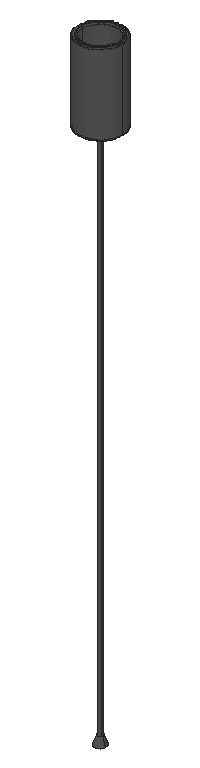
Revit family "CARLO CYLINDER LIGHT Pendant_ Surface", category Lighting Fixtures, host Face, Revit 2020 (continued)
Types (13): name | Wattage_Input | Wattage Comments | Wattage | built-in parameter 1150134 | Size 08 | Size 04 | Photometric Web File | built-in parameter 1150142 | Model | built-in parameter 1150105 | Lumens | built-in parameter 1150107 | built-in parameter 1150106 | Fixture Height | Fixture Diameter | BEAMING ANGLE | Apparent Load
  (no name) | 20 W | "12W/16W/20W" | 11.4446 W | (empty or 0) | no | yes | "CCL4_20W_2700K_25__.IES" | "IESNA:LM-63-2002\r\n[TEST] 001\r\n[TESTLAB] \r\n[TESTDATE] 2024-05-21\r\n[ISSUEDATE] 2024-05-21 11:19:26\r\n[LAMPPOSITION] 0,0\r\n[OTHER] EVERFINE GO-2000B_V1 SYSTEM\r\n[MANUFAC] Aboveall lighting\r\n[LUMINAIRE] CCL4 20W 2700K 25¡ã  \r\nTILT=NONE\r\n1 1658.3 1 181 17 1 2 -0.104 -0.104 0.000\r\n1.000 1 20.089\r\n0.0    1.0    2.0    3.0    4.0    5.0    6.0    7.0    8.0    9.0    \r\n 10.0   11.0   12.0   13.0   14.0   15.0   16.0   17.0   18.0   19.0   \r\n 20.0   21.0   22.0   23.0   24.0   25.0   26.0   27.0   28.0   29.0   \r\n 30.0   31.0   32.0   33.0   34.0   35.0   36.0   37.0   38.0   39.0   \r\n 40.0   41.0   42.0   43.0   44.0   45.0   46.0   47.0   48.0   49.0   \r\n 50.0   51.0   52.0   53.0   54.0   55.0   56.0   57.0   58.0   59.0   \r\n 60.0   61.0   62.0   63.0   64.0   65.0   66.0   67.0   68.0   69.0   \r\n 70.0   71.0   72.0   73.0   74.0   75.0   76.0   77.0   78.0   79.0   \r\n 80.0   81.0   82.0   83.0   84.0   85.0   86.0   87.0   88.0   89.0   \r\n 90.0   91.0   92.0   93.0   94.0   95.0   96.0   97.0   98.0   99.0   \r\n 100.0  101.0  102.0  103.0  104.0  105.0  106.0  107.0  108.0  109.0  \r\n 110.0  111.0  112.0  113.0  114.0  115.0  116.0  117.0  118.0  119.0  \r\n 120.0  121.0  122.0  123.0  124.0  125.0  126.0  127.0  128.0  129.0  \r\n 130.0  131.0  132.0  133.0  134.0  135.0  136.0  137.0  138.0  139.0  \r\n 140.0  141.0  142.0  143.0  144.0  145.0  146.0  147.0  148.0  149.0  \r\n 150.0  151.0  152.0  153.0  154.0  155.0  156.0  157.0  158.0  159.0  \r\n 160.0  161.0  162.0  163.0  164.0  165.0  166.0  167.0  168.0  169.0  \r\n 170.0  171.0  172.0  173.0  174.0  175.0  176.0  177.0  178.0  179.0  \r\n 180.0  \r\n0.0    22.5   45.0   67.5   90.0   112.5  135.0  157.5  180.0  202.5  \r\n 225.0  247.5  270.0  292.5  315.0  337.5  360.0  \r\n6620.4 6652.3 6568 6397.9 6165.2 5903.7 5559.2 5163.1 4721.7 4267.2 \r\n 3801.1 3347.9 2919.3 2515.1 2160.6 1844.2 1583.4 1360.8 1169.9 1045.3 \r\n 921.53 833.22 773.31 723.13 684.52 655.37 632.32 615.14 601.04 590.77 \r\n 580.93 573.35 566.01 548.86 536.53 525.2 512.07 487.51 449.01 404.05 \r\n 349.99 300.35 242.91 192.15 141.99 103.46 65.068 44.767 37.827 31.722 \r\n 26.838 23.61 21.413 19.408 17.365 15.227 13.059 10.995 9.1181 7.4182 \r\n 5.8075 4.5112 3.5 2.7541 2.2137 1.8503 1.6001 1.4108 1.2975 1.1891 \r\n 1.1165 1.0402 0.99191 0.93581 0.86771 0.81137 0.74723 0.69094 0.6268 0.56257 \r\n 0.49834 0.43808 0.3739 0.30984 0.24561 0.19724 0.14511 0.096885 0.05268 0.00058608 \r\n 0 0 0 0 0 0 0 0 0 0 \r\n 0 0 0 0 0 0.015892 0.043795 0.06793 0.10788 0.13612 \r\n 0.18009 0.22028 0.26042 0.31644 0.3647 0.42082 0.46908 0.52504 0.5852 0.64938 \r\n 0.70965 0.7778 0.84604 0.92222 1.0025 1.0788 1.163 1.2433 1.3432 1.4436 \r\n 1.5637 1.6881 1.8245 1.9848 2.1453 2.3377 2.5383 2.7589 3.0114 3.2643 \r\n 3.5364 3.8371 4.1461 4.475 4.8002 5.1373 5.4666 5.8116 6.141 6.4582 \r\n 6.7793 7.0719 7.357 7.6222 7.8594 8.0962 8.2894 8.4821 8.6549 8.8156 \r\n 8.9762 9.1249 9.2611 9.3857 9.4903 9.5788 9.6553 9.7117 9.752 9.7644 \r\n 9.7645 9.7645 9.7089 9.6291 9.5409 9.4605 9.3802 9.3078 9.2633 9.2589 \r\n 9.2385 \r\n6620.4 6671.5 6601.3 6437.7 6217 5957.8 5628 5236.9 4806.7 4342.2 \r\n 3882.9 3425 2992.6 2605.6 2219.2 1896.5 1623.1 1388.3 1200.2 1051.1 \r\n 931.43 840.71 774.77 725.65 687.26 656.64 633.41 614.66 599.86 588.68 \r\n 579.09 569.22 560.63 548.43 535.8 525.2 512.11 488.36 450.4 404.21 \r\n 352.16 301.57 248.07 194.59 143.15 100.21 66.285 45.59 38.906 33.164 \r\n 28.078 24.835 21.975 19.962 17.761 15.65 13.433 11.442 9.5828 7.8012 \r\n 6.1736 4.7767 3.6868 2.9299 2.3237 1.8812 1.5954 1.3943 1.2574 1.1567 \r\n 1.0722 1.0076 0.94317 0.88661 0.82219 0.76978 0.70129 0.64472 0.57621 0.51571 \r\n 0.45516 0.39069 0.33418 0.27364 0.20921 0.15681 0.10851 0.056127 0.012005 0 \r\n 0 0 0 0 0 0 0 0 0 0 \r\n 0 0.000066 0.0081677 0.020304 0.036512 0.060715 0.084956 0.11323 0.1455 0.17774 \r\n 0.21808 0.25849 0.30686 0.35126 0.39971 0.45218 0.50873 0.5732 0.62971 0.69021 \r\n 0.75062 0.81919 0.8878 0.96044 1.0371 1.1179 1.2066 1.2953 1.3802 1.4852 \r\n 1.5982 1.7194 1.8563 2.0097 2.1751 2.3528 2.5467 2.7726 3.0068 3.2651 \r\n 3.5395 3.8222 4.1369 4.4548 4.7856 5.1244 5.4553 5.7981 6.1369 6.4716 \r\n 6.7901 7.0886 7.3868 7.6529 7.9061 8.1279 8.3415 8.539 8.7084 8.8817 \r\n 9.039 9.1922 9.3292 9.4541 9.5668 9.6512 9.7277 9.7838 9.7838 9.7836 \r\n 9.7633 9.7307 9.662 9.5773 9.4966 9.4078 9.3193 9.2513 9.2312 9.2231 \r\n 9.2385 \r\n6620.4 6638.8 6549.5 6368.4 6138.6 5868.8 5522.5 5124.4 4682.7 4223.9 \r\n 3762.5 3317 2886.3 2484.5 2133 1813.2 1544.5 1322.8 1168.1 1014.1 \r\n 904.04 818.36 755.82 707.92 672.71 646.16 623.57 606.08 592.88 581.74 \r\n 571.09 562.5 554.93 542.76 531.2 520.16 506.91 477.63 435.68 390.58 \r\n 337.54 284.32 230.83 181.95 133.55 95.344 57.247 42.718 37.553 32.257 \r\n 27.95 24.506 21.823 19.748 17.684 15.485 13.46 11.364 9.5599 7.7907 \r\n 6.0977 4.6812 3.6107 2.8357 2.2678 1.862 1.5739 1.351 1.2447 1.1597 \r\n 1.0909 1.0142 0.96161 0.90114 0.84455 0.78801 0.72748 0.67488 0.60641 0.54574 \r\n 0.48117 0.41655 0.35992 0.30354 0.247 0.18647 0.14185 0.093433 0.048961 0.00054427 \r\n 0 0 0 0 0 0 0 0 0 0 \r\n 0 0 0 0 0 0.019985 0.048097 0.080354 0.11266 0.14497 \r\n 0.18526 0.22964 0.27806 0.32253 0.37494 0.43144 0.48798 0.54437 0.60489 0.66547 \r\n 0.73004 0.80264 0.86735 0.94395 1.0207 1.0974 1.1901 1.267 1.3635 1.4724 \r\n 1.5974 1.7186 1.8637 2.017 2.1905 2.3761 2.5779 2.7998 3.0499 3.3043 \r\n 3.5779 3.8765 4.1833 4.5142 4.8494 5.1806 5.5237 5.859 6.1942 6.5174 \r\n 6.8325 7.1228 7.4055 7.6683 7.9069 8.1292 8.3314 8.5093 8.683 8.8447 \r\n 9.0063 9.1518 9.2848 9.3942 9.5032 9.5804 9.6451 9.6858 9.7142 9.7185 \r\n 9.7225 9.6627 9.5941 9.5137 9.4169 9.324 9.2271 9.1501 9.0934 9.0807 \r\n 9.2385 \r\n6620.4 6623.5 6516.6 6325.3 6088.9 5814.8 5448.8 5046.9 4608.1 4146 \r\n 3689.3 3242.5 2836.1 2430.2 2077.8 1762.4 1507.5 1290.9 1119.7 985.32 \r\n 880.44 800.55 740.76 696.58 662.85 636.73 616.83 601.59 589.36 580.4 \r\n 571.6 562.51 554.44 541.22 530.54 519.18 504.86 473.62 432.87 385.35 \r\n 333.56 282.99 232.47 181.98 134.65 89.764 57.078 42.018 36.973 32.35 \r\n 28.519 25.641 22.359 20.197 18.112 16.011 13.842 11.695 9.7535 7.9063 \r\n 6.2574 4.76 3.568 2.7994 2.2144 1.8058 1.5146 1.3246 1.2072 1.1061 \r\n 1.0372 0.96833 0.9116 0.85881 0.79807 0.74545 0.68463 0.6238 0.56298 0.50216 \r\n 0.44134 0.38045 0.31159 0.25077 0.18999 0.13326 0.080751 0.03621 0 0 \r\n 0 0 0 0 0 0 0 0 0 0 \r\n 0.000032 0.0041533 0.016318 0.028552 0.048862 0.073228 0.10157 0.12598 0.1585 0.19893 \r\n 0.23948 0.28012 0.33277 0.37744 0.43019 0.48695 0.54368 0.59647 0.65737 0.72626 \r\n 0.79096 0.85593 0.9329 1.0019 1.083 1.1642 1.2533 1.3346 1.432 1.5456 \r\n 1.6592 1.7851 1.9307 2.085 2.2635 2.4501 2.6491 2.8803 3.1238 3.3875 \r\n 3.6674 3.9676 4.28 4.6116 4.9442 5.2848 5.6253 5.9619 6.3023 6.6225 \r\n 6.9306 7.2305 7.5141 7.7734 8.0119 8.2307 8.4292 8.6157 8.7899 8.952 \r\n 9.106 9.2479 9.3855 9.499 9.6041 9.6809 9.7454 9.7696 9.7695 9.7652 \r\n 9.7286 9.6757 9.5985 9.5091 9.4038 9.3025 9.2134 9.1327 9.0763 9.0723 \r\n 9.2385 \r\n6620.4 6613.5 6490.3 6284.5 6034 5744.8 5376.7 4969.2 4523.7 4071.8 \r\n 3615.3 3163.3 2761.9 2361 2010.9 1712.5 1471.4 1259.5 1092.7 961.11 \r\n 862.96 786.99 731.08 689.57 658.35 634.67 615.43 601.78 589.95 581.16 \r\n 573.61 566.48 559.97 543.55 531.13 519.73 503.74 473.09 431.89 386.78 \r\n 334.25 285.72 233.94 182.21 135.73 93.276 61.21 45.428 40.343 35.88 \r\n 31.929 27.57 22.24 20.28 18.1 15.962 13.777 11.578 9.5888 7.7418 \r\n 6.0659 4.6516 3.5694 2.8366 2.2633 1.8771 1.586 1.4125 1.2668 1.1682 \r\n 1.0853 1.0105 0.95895 0.88798 0.82872 0.76954 0.7025 0.64706 0.57994 0.51673 \r\n 0.45352 0.3903 0.32714 0.26788 0.20857 0.14555 0.098232 0.046952 0.0039084 0 \r\n 0 0 0 0 0 0 0 0 0.000040 0.0040323 \r\n 0.011892 0.015886 0.023876 0.039679 0.055528 0.075376 0.10294 0.12289 0.15839 0.18995 \r\n 0.22555 0.26514 0.31251 0.35592 0.39561 0.45092 0.50609 0.54979 0.61305 0.68011 \r\n 0.73933 0.81033 0.86971 0.941 1.0278 1.1029 1.186 1.2767 1.3561 1.4628 \r\n 1.5735 1.6918 1.8184 1.9608 2.1189 2.289 2.4789 2.6884 2.9099 3.155 \r\n 3.4083 3.6968 3.9933 4.3046 4.6248 4.9567 5.2964 5.6323 5.968 6.2998 \r\n 6.6198 6.9396 7.2474 7.5239 7.7955 8.0404 8.2772 8.4944 8.6997 8.8931 \r\n 9.0748 9.2521 9.3905 9.5326 9.6666 9.7728 9.8594 9.9182 9.9339 9.9376 \r\n 9.9215 9.8818 9.8262 9.743 9.6444 9.5535 9.459 9.3769 9.3769 9.3809 \r\n 9.2385 \r\n6620.4 6556.8 6390 6155.2 5883.5 5549.5 5162.9 4733 4281.7 3832.8 \r\n 3381.2 2948.5 2537 2169.3 1845.1 1580.1 1357.4 1171.6 1039.6 908.18 \r\n 822.62 756.47 705.83 668.66 642.42 622.95 608.17 595.47 585.07 577.22 \r\n 569.87 563.2 556.16 538.78 527.7 514.32 491.82 457.1 414.99 365.25 \r\n 314.84 261.94 211.5 162.41 120.92 79.499 52.217 43.069 38.099 33.744 \r\n 29.767 23.937 21.197 18.912 16.821 14.695 12.424 10.443 8.5235 6.8488 \r\n 5.2392 4.0474 3.1466 2.5045 2.0774 1.7743 1.5511 1.3798 1.2562 1.1725 \r\n 1.093 1.0214 0.96579 0.89444 0.84653 0.77917 0.7195 0.65203 0.5963 0.54067 \r\n 0.46929 0.41748 0.34217 0.28262 0.22302 0.16342 0.1117 0.063983 0.016305 0.00013483 \r\n 0 0 0 0 0 0 0 0 0 0 \r\n 0 0 0 0.0078823 0.019771 0.039577 0.067255 0.091132 0.12284 0.15856 \r\n 0.19432 0.24189 0.28169 0.32931 0.38092 0.42863 0.4842 0.53967 0.59923 0.65883 \r\n 0.72629 0.79384 0.86532 0.94472 1.0124 1.0957 1.1791 1.2625 1.3575 1.4647 \r\n 1.5798 1.7108 1.8419 1.9967 2.1634 2.3421 2.5446 2.7669 3.0052 3.2554 \r\n 3.5247 3.8067 4.1163 4.4341 4.7559 5.0935 5.4233 5.7609 6.0947 6.4206 \r\n 6.7346 7.0358 7.322 7.5884 7.8428 8.0853 8.304 8.5107 8.7055 8.8805 \r\n 9.0474 9.2064 9.3492 9.4686 9.5838 9.6676 9.7392 9.7871 9.8072 9.8153 \r\n 9.8193 9.7838 9.7205 9.6335 9.5539 9.4705 9.4068 9.3589 9.3349 9.3307 \r\n 9.2385 \r\n6620.4 6528.4 6338.8 6098.8 5802.4 5457.3 5040.3 4608 4149 3706.7 \r\n 3257.6 2835.4 2440.2 2082.8 1788.4 1531.3 1316.2 1136.4 995.19 886.29 \r\n 804.7 742.5 696.8 664.38 640.18 621.56 606.45 594.83 584.35 576.25 \r\n 569.33 563.65 554.28 536.95 526.5 513.1 489.51 452.8 406.9 356.08 \r\n 306.14 254.3 202.48 152.33 109.1 71.735 47.834 40.778 35.505 31.183 \r\n 27.363 22.102 20.006 17.765 15.713 13.564 11.443 9.4746 7.6576 6.001 \r\n 4.5858 3.5721 2.8369 2.3197 1.9112 1.6247 1.3981 1.2471 1.1476 1.0679 \r\n 0.99232 0.93647 0.88044 0.80889 0.75693 0.69734 0.64537 0.58159 0.52176 0.46188 \r\n 0.39815 0.34217 0.2745 0.21866 0.16286 0.11096 0.05539 0.011841 0 0 \r\n 0 0 0 0 0 0 0 0 0 0.000083 \r\n 0.0081034 0.02007 0.032125 0.052024 0.067979 0.084076 0.11205 0.14396 0.17592 0.21164 \r\n 0.23981 0.29153 0.33155 0.38332 0.42733 0.48308 0.53104 0.58703 0.65474 0.71457 \r\n 0.7744 0.8501 0.918 0.99383 1.0736 1.1495 1.2372 1.3251 1.4249 1.5327 \r\n 1.6486 1.78 1.9198 2.0794 2.2511 2.4348 2.6384 2.862 3.1016 3.3649 \r\n 3.6285 3.9239 4.2391 4.5573 4.8766 5.2156 5.5468 5.8858 6.2206 6.5396 \r\n 6.8507 7.1576 7.4405 7.7036 7.954 8.1813 8.4004 8.5997 8.7831 8.9625 \r\n 9.1258 9.2733 9.4126 9.5242 9.6277 9.7149 9.7704 9.794 9.7899 9.7738 \r\n 9.7414 9.6735 9.5938 9.5178 9.4302 9.3546 9.2913 9.2677 9.2678 9.2839 \r\n 9.2385 \r\n6620.4 6486.5 6269.5 6004.8 5689.4 5316.5 4885.2 4429 3968.1 3518.3 \r\n 3082.8 2665.6 2286.6 1959.2 1677.8 1442.2 1239.6 1097.2 955.3 856.8 \r\n 783.51 728.89 689.1 658.98 634.82 617.16 603.74 592.16 584.45 576.82 \r\n 568.46 562.42 550.66 536.25 524.55 510.14 481.65 441.63 395.94 342.65 \r\n 290.85 238.32 186.31 135.77 96.67 57.671 41.828 36.636 31.461 27.904 \r\n 24.931 20.713 18.63 16.567 14.389 12.34 10.317 8.4413 6.7096 5.1421 \r\n 4.0489 3.1764 2.557 2.1107 1.797 1.552 1.3712 1.2585 1.1542 1.0859 \r\n 1.0098 0.96152 0.89772 0.84949 0.79349 0.73344 0.67732 0.61727 0.55718 0.49312 \r\n 0.42108 0.35693 0.29681 0.24481 0.18481 0.13265 0.084545 0.040444 0.00034963 0 \r\n 0 0 0 0 0 0 0 0 0 0 \r\n 0 0 0 0.011921 0.027913 0.047912 0.075818 0.10386 0.13983 0.17192 \r\n 0.2119 0.2599 0.29606 0.34403 0.39607 0.44417 0.50814 0.56413 0.62021 0.6882 \r\n 0.75629 0.82836 0.8965 0.97254 1.0487 1.1367 1.2288 1.313 1.4207 1.5367 \r\n 1.6608 1.7969 1.945 2.1131 2.2972 2.4894 2.7095 2.9457 3.198 3.4623 \r\n 3.7497 4.0461 4.3663 4.6947 5.0232 5.3557 5.6921 6.0246 6.3571 6.6737 \r\n 6.9743 7.266 7.5385 7.7951 8.0276 8.2481 8.4525 8.6369 8.8172 8.9816 \r\n 9.1419 9.2862 9.4102 9.5106 9.6068 9.6711 9.7194 9.7476 9.7478 9.7478 \r\n 9.7041 9.6362 9.5522 9.4842 9.3844 9.308 9.2438 9.2075 9.2032 9.223 \r\n 9.2385 \r\n6620.4 6484 6267.7 6001.3 5678.2 5294.4 4856.3 4401 3928.7 3484.9 \r\n 3044.3 2650.9 2258.2 1937.9 1666.8 1428.5 1232.4 1072.1 948.72 853.34 \r\n 782.38 731.87 692.73 661.66 637.99 619.23 605.92 594.39 586.66 578.67 \r\n 570.97 564.74 552.09 537.36 525.49 510.58 483.31 443.47 397.13 343.99 \r\n 292.96 238.51 184.1 134.26 89.947 57.532 40.503 34.799 29.478 25.378 \r\n 23.151 20.712 18.687 16.573 14.41 12.303 10.214 8.3566 6.6334 5.1676 \r\n 3.9999 3.2113 2.599 2.1428 1.7993 1.5351 1.3433 1.2349 1.1231 1.0667 \r\n 0.99471 0.94247 0.88627 0.82997 0.76585 0.70984 0.65753 0.59338 0.5371 0.47282 \r\n 0.40458 0.33638 0.2722 0.21203 0.15583 0.099683 0.047678 0 0 0 \r\n 0 0 0 0 0 0 0 0 0.000041 0.0040972 \r\n 0.012126 0.020242 0.036255 0.048389 0.068461 0.088581 0.11272 0.14096 0.18096 0.20918 \r\n 0.25727 0.29746 0.34162 0.38577 0.43007 0.48631 0.54643 0.59872 0.65898 0.72321 \r\n 0.78731 0.85563 0.9319 1.0082 1.0886 1.1729 1.2652 1.3498 1.4582 1.5668 \r\n 1.6993 1.8316 1.9803 2.149 2.3259 2.5268 2.7478 2.9849 3.242 3.5151 \r\n 3.8004 4.1056 4.4229 4.7511 5.0724 5.4135 5.7428 6.0799 6.4048 6.7139 \r\n 7.0229 7.3156 7.5843 7.8331 8.073 8.2857 8.4903 8.6788 8.8554 9.0278 \r\n 9.1803 9.3325 9.4568 9.5689 9.6531 9.7287 9.7565 9.7604 9.7522 9.7238 \r\n 9.6714 9.6029 9.5066 9.414 9.3018 9.2057 9.1303 9.1225 9.1391 9.2034 \r\n 9.2385 \r\n6620.4 6475.4 6265.9 5991.4 5651.9 5255.9 4807.2 4336 3867.5 3414.1 \r\n 2970 2566.2 2195.7 1878.5 1612.7 1392 1203.2 1068.2 933.68 846.58 \r\n 782.02 730.89 691.63 661.57 638.16 621.08 606.83 596.99 588.85 580.9 \r\n 574 567.37 552.95 539.21 526.77 511 482.69 442.57 395.78 341.72 \r\n 288.68 234.3 181.43 131.36 93.309 55.365 39.258 35.554 30.526 25.7 \r\n 23.129 21.251 19.175 16.962 14.676 12.548 10.37 8.4682 6.6923 5.2056 \r\n 4.0614 3.1745 2.5307 2.0531 1.745 1.4904 1.3442 1.231 1.146 1.0853 \r\n 1.0168 0.96825 0.904 0.86342 0.79912 0.74257 0.69009 0.62565 0.56511 0.5006 \r\n 0.44006 0.37555 0.31101 0.24665 0.19808 0.14568 0.097235 0.044832 0.00038728 0 \r\n 0 0 0 0 0 0 0 0 0 0 \r\n 0 0 0 0.0040014 0.024045 0.048217 0.080341 0.10462 0.13682 0.17708 \r\n 0.20942 0.25769 0.2981 0.34643 0.39084 0.44722 0.49969 0.55598 0.62443 0.68103 \r\n 0.74549 0.81803 0.89463 0.96728 1.0439 1.1405 1.2253 1.3141 1.4185 1.5354 \r\n 1.6644 1.8054 1.9586 2.1279 2.3213 2.5189 2.7446 2.9825 3.2485 3.5187 \r\n 3.8082 4.1146 4.4332 4.7639 5.0946 5.4254 5.7602 6.091 6.4178 6.7285 \r\n 7.0271 7.3168 7.5793 7.8295 8.0596 8.2656 8.4633 8.653 8.8186 8.9799 \r\n 9.1373 9.2746 9.3914 9.5004 9.5734 9.646 9.6826 9.6989 9.7031 9.6991 \r\n 9.639 9.5705 9.4779 9.3734 9.2766 9.1877 9.123 9.0824 9.078 9.098 \r\n 9.2385 \r\n6620.4 6498.6 6303.9 6062.8 5722.9 5331.5 4883.1 4419.9 3940.4 3489.4 \r\n 3043.8 2645.6 2248.4 1930 1660 1426.4 1232.7 1073.9 952.75 860.76 \r\n 791.88 738.61 697.71 666.75 641.85 623.37 610.48 600.06 589.8 581.21 \r\n 574.56 568.81 559.76 543.11 531 516.45 490.02 450.99 404.33 352.03 \r\n 300.14 249.43 198.7 145.64 100.5 63.565 40.71 35.938 32.326 28.311 \r\n 24.89 22.422 20.278 18.142 15.829 13.627 11.387 9.2612 7.3579 5.7094 \r\n 4.3488 3.3587 2.6507 2.1638 1.8182 1.5484 1.3472 1.2221 1.1057 1.049 \r\n 0.97645 0.91981 0.85524 0.79476 0.74221 0.68579 0.62529 0.57266 0.508 0.43943 \r\n 0.37881 0.31424 0.2538 0.20524 0.14875 0.096349 0.051964 0 0 0 \r\n 0 0 0 0 0 0 0 0 0.000082 0.0081174 \r\n 0.012156 0.016327 0.032481 0.04859 0.060847 0.085126 0.1134 0.14167 0.17004 0.20629 \r\n 0.24268 0.28311 0.32757 0.37604 0.42455 0.47705 0.5296 0.58614 0.64283 0.71133 \r\n 0.76784 0.8365 0.90524 0.98201 1.0628 1.1477 1.2365 1.3215 1.4226 1.5358 \r\n 1.6611 1.7902 1.9398 2.1055 2.2874 2.4815 2.6997 2.9261 3.1766 3.4394 \r\n 3.7223 4.0254 4.3405 4.6668 4.9941 5.3372 5.6645 6.0116 6.3387 6.6576 \r\n 6.9644 7.2589 7.5291 7.7714 8.0088 8.2307 8.4286 8.6221 8.7877 8.9532 \r\n 9.1145 9.2517 9.3
